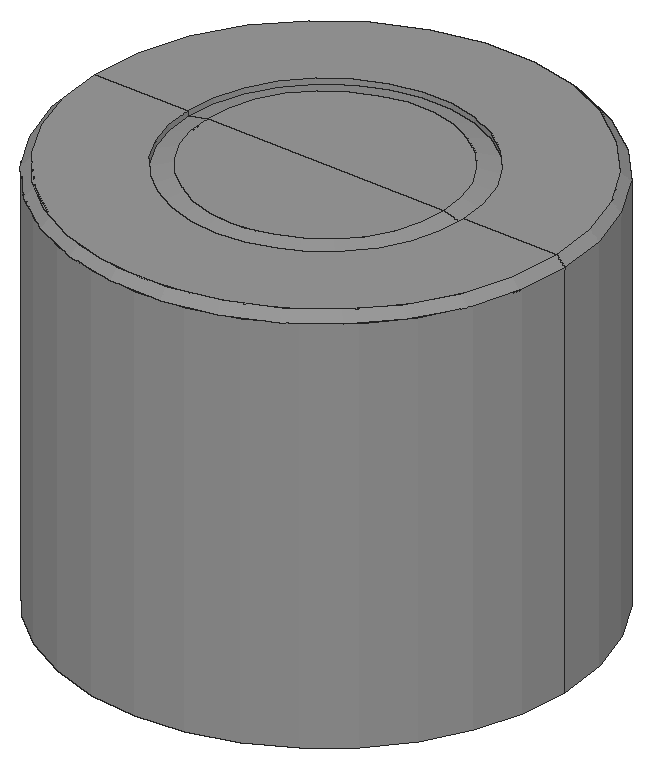
Revit family "4069272 Sylvania Lighting Fixture PATHE GROUND ROUND2 WIDE 85LM LED 4K", category Lighting Fixtures, host Face, Revit 2016
Family settings
  Host = Face
  Part Type = Normal
  Round Connector Dimension = Use Diameter
  OmniClass Number = 23.80.70.00
  OmniClass Title = Lighting
  Cut with Voids When Loaded = No
  Light Source = Yes
  Shared = No
  Room Calculation Point = No
Parameters (values of type "4069272 PATHE/G/R2 WIDE 85LM LED 4K")
  Weight = "0.6 kg"
  Wattage Comments = ""
  Wattage = 1.5 W
  WarrantyStartDate [instance] = "n/a"
  WarrantyGuarantorParts = "n/a"
  WarrantyDurationUnit = "n/a"
  WarrantyDurationParts = "n/a"
  WarrantyDescription = "n/a"
  built-in parameter 1150110 = 1 (stored number, unit not read)
  Voltage = 0 V
  URL = "http://www.sylvania-lighting.com"
  TypeName = "PATHE/GROUND/ROUND2 WIDE 85LM LED 4K"
  Type Image = <None>
  Type Comments = "n/a"
  built-in parameter 1114217 = 1 (stored number, unit not read)
  Tilt Angle = -90.00°
  built-in parameter 1150109 = 1 (stored number, unit not read)
  built-in parameter 1150134 = 12
  built-in parameter 1150113 = 1 (stored number, unit not read)
  SerialNumber [instance] = "n/a"
  Radius_SYL = 47.5 mm
  RadiusDiffuser_SYL = 27.5 mm
  Photometric Web File = "4069272.ies"
  Material_3_SYL = none
  PowerFactor = 0
  PowerConsumption = "1.5 W"
  NominalLength = 95 mm
  NominalHeight = 75 mm
  NominalDepth = 0 mm
  Name = "PATHE/GROUND/ROUND2 WIDE 85LM LED 4K"
  ModelReference = Name  # "PATHE/GROUND/ROUND2 WIDE 85LM LED 4K"
  ModelNumber = "4069272"
  Model = Name  # "PATHE/GROUND/ROUND2 WIDE 85LM LED 4K"
  Material = "corrosion resistant die-cast aluminium housing, anti uv polycarbonate diffuser"
  ManufacturerName = "Feilo Sylvania"
  Manufacturer = "Feilo Sylvania"
  LuminousEfficacy = "56.66 lm/W"
  built-in parameter 1150105 = 6.7641 (stored number, unit not read)
  Lumens = 85 lm
  LuminaireType = ""
  built-in parameter 1150115 = 1 (stored number, unit not read)
  LightOutputRatio = "100"
  built-in parameter 1150137 = (empty or 0)
  built-in parameter 1150139 = (empty or 0)
  LampsType = Lamp  # "LED"
  LampNominalLuminous = "85 lm"
  LampMacAdamStep = "n/a"
  LampColourTemperature = "4000 K"
  LampColourRenderingIndex = "80"
  built-in parameter 1150112 = 1 (stored number, unit not read)
  built-in parameter 1150114 = 1 (stored number, unit not read)
  Lamp = "LED"
  Keynote = "16500"
  InstallationDate [instance] = "n/a"
  InputVoltage = "n/a"
  InputNominalFrequency = "n/a"
  built-in parameter 1150132 = (empty or 0)
  built-in parameter 1150102 = (empty or 0)
  built-in parameter 1150107 = 4000 (stored number, unit not read)
  built-in parameter 1150138 = (empty or 0)
  IngressProtection = "IP67"
  ImpactProtectionIndex = "IK08"
  built-in parameter 1150106 = 0.067641 (stored number, unit not read)
  IfcExportType = "IfcLightFixtureType"
  IfcExportAs = "IfcLightFixtureType"
  HieghtTop_SYL = 2.2 mm
  ExpectedLife = 50000
  Emit from Circle Diameter = RadiusDiffuser_SYL * 2  # 55 mm
  Emit Shape Visible in Rendering = no
  ElectricShockClassification = "Class I"
  built-in parameter 1150104 = 5.2645 (stored number, unit not read)
  DurationUnit = "hours"
  DocumentationLiterature = "http://www.sylvania-lighting.com/product/en-int/products/4069272"
  DimmingControlOptions = "n/a"
  Material_2_SYL = Polycarbonate, Clear
  Dimming Lamp Color Temperature Shift = <None>
  Description = "Round recessed ground luminaireCorrosion resistant die-cast aluminium, 85lm, 1.5W, 57lm/W, 4000K, CRI80+, 50°, non dimmable, IP67, IK08, (ØxD) Ø95x75mm, 3 step MacAdam ellipse, Class I, 220-240V, A++ A+ A"
  Default Elevation = 1219.2 mm
  CreatedOn = "9/21/2018"
  CreatedBy = "@sylvania-lighting.com"
  Cost = 0
  Color Filter = 16777215
  built-in parameter 1114216 [instance] = (empty or 0)
  ClassificationValue = "EF_70_80"
  ClassificationName = "Uniclass2015"
  Material_1_SYL = Aluminum 6061 T6 80 Hot Formed
  ChamferTop_SYL = 1.7 mm
  ChamferDiffuserTop_SYL = 4 mm
  ChamferDiffuserSide_SYL = 1 mm
  BarCode [instance] = "n/a"
  built-in parameter 1114218 = 1 (stored number, unit not read)
  built-in parameter 1150133 = 10 (stored number, unit not read)
  AssetType = "Fixed"
  AssetIdentifier [instance] = "n/a"
  Assembly Code = "D5020200"
  Apparent Load = 1.5 VA
  Material_4_SYL = none
Reference planes
  plane 1 "Center (Front/Back)": y = 0
  plane 2: z = 0
  plane 3 "Center (Left/Right)": x = 0
  plane 4: x = -40
  plane 5: x = -47.5
  plane 6: z = -75
  plane 7: x = -27.5
  plane 8: z = 2.2
  plane 9: x = -45.8
  plane 10: z = -36
  plane 11: z = -29.5
  plane 12: x = -23.5
  plane 13: z = 1.2
  plane 14: z = -6
  plane 15: z = 0.5
Forms (mm)
  Revolve 1, solid, material "Aluminum 6061 T6 80 Hot Formed" <- "Material_1_SYL"
    sketch origin (0, 0, 0) x (1, 0, 0) y (0, 0, 1)
      loop
        line (-47.5, -75) -> (0, -75) -> (0, -6) -> (-45.8, -6) -> (-45.8, 0) -> (-27.5, 0) -> (-27.5, 2.2) -> (-45.8, 2.2) -> (-47.5, 0.5) -> (-47.5, -75)
      axis (0, 2.2) -> (0, -75)
    angle from 360 to 0
  Revolve 2, solid, material "Polycarbonate, Clear" <- "Material_2_SYL"
    sketch origin (0, 0, 0) x (1, 0, 0) y (0, 0, 1)
      loop
        line (-27.5, 1.2) -> (-27.5, 0) -> (0, 0) -> (0, 2.2) -> (-23.5, 2.2) -> (-27.5, 1.2)
      axis (0, 2.2) -> (0, 0)
    angle from 360 to 0
  Revolve 3, void
    sketch origin (0, 0, 0) x (1, 0, 0) y (0, 0, 1)
      loop
        line (0, -75) -> (0, 0) -> (-47.5, 0) -> (-47.5, -75) -> (0, -75)
      axis (0, 0) -> (0, -75)
    angle from 360 to 0
Cuts and joins
  Revolve 3 cuts Revolve 2
Dimensions and locks
  locked: plane 2 to plane 6 at 75
  locked: plane 3 "Center (Left/Right)" to plane 4 at 40
  "Radius_SYL": plane 3 "Center (Left/Right)" to plane 5
  "RadiusDiffuser_SYL": plane 3 "Center (Left/Right)" to plane 7
  "ChamferTop_SYL": plane 9 to plane 5
  "ChamferDiffuserSide_SYL": plane 8 to plane 13
  "ChamferDiffuserTop_SYL": plane 12 to plane 7
  locked: plane 2 to plane 14 at 6
  "ChamferTop_SYL": plane 8 to plane 15
  "HieghtTop_SYL": plane 8 to plane 2
  aligned and locked: plane 2 to host face
  aligned and locked: level to host face
  aligned and locked: Revolve 1 sketch curve to plane 3 "Center (Left/Right)"  (x2)
  aligned and locked: plane 5 to Revolve 1 sketch curve
  aligned and locked: plane 8 to Revolve 1 sketch curve
  aligned and locked: level to Revolve 1 sketch curve
  aligned and locked: plane 9 to Revolve 1 sketch curve  (x2)
  aligned and locked: plane 7 to Revolve 1 sketch curve
  aligned and locked: plane 8 to Revolve 2 sketch curve
  aligned and locked: Revolve 2 sketch curve to plane 3 "Center (Left/Right)"  (x2)
  aligned and locked: Revolve 1 to Revolve 2 sketch curve
  aligned and locked: plane 14 to Revolve 1 sketch curve
  aligned and locked: plane 12 to Revolve 2 sketch curve
  aligned and locked: plane 7 to Revolve 2 sketch curve
  aligned and locked: plane 13 to Revolve 2 sketch curve
  aligned and locked: imposter light to plane 8
  aligned and locked: imposter light to plane 1 "Center (Front/Back)"
  aligned and locked: plane 3 "Center (Left/Right)" to imposter light
  aligned and locked: plane 15 to Revolve 1 sketch curve
  aligned and locked: plane 6 to Revolve 1 sketch curve
  aligned and locked: Revolve 3 sketch curve to plane 3 "Center (Left/Right)"  (x2)
  aligned and locked: Revolve 3 sketch curve to Revolve 1
  aligned and locked: Revolve 3 sketch curve to level
  aligned and locked: plane 5 to Revolve 3 sketch curve
Automatic sketch dimensions
  host sketch curve to host sketch curve = 2438.4 mm  (x2)
  plane 6 to Revolve 2 sketch curve = 534.6 mm
  Revolve 2 sketch curve to Revolve 2 sketch curve = 2607.058 mm
  plane 6 to Revolve 1 sketch curve = 534.6 mm
  Revolve 1 sketch curve to plane 8 = 2607.058 mm
  plane 6 to Revolve 3 sketch curve = 534.6 mm
  Revolve 3 sketch curve to plane 8 = 2607.058 mm
Connectors
  electrical at (0, 0, 0), driven by "Apparent Load", driven by "PowerFactor", driven by "Voltage"
    settings: index 1, voltage 0 V, apparent load 1.5 VA, apparent load phase1 0 VA, apparent load phase2 0 VA, apparent load phase3 0 VA, power factor 0, load classification "Lighting", number of poles 1, system type 30, power factor state 1, is connector primary yes, connector utility no, sub classification motor no, connector description ""
